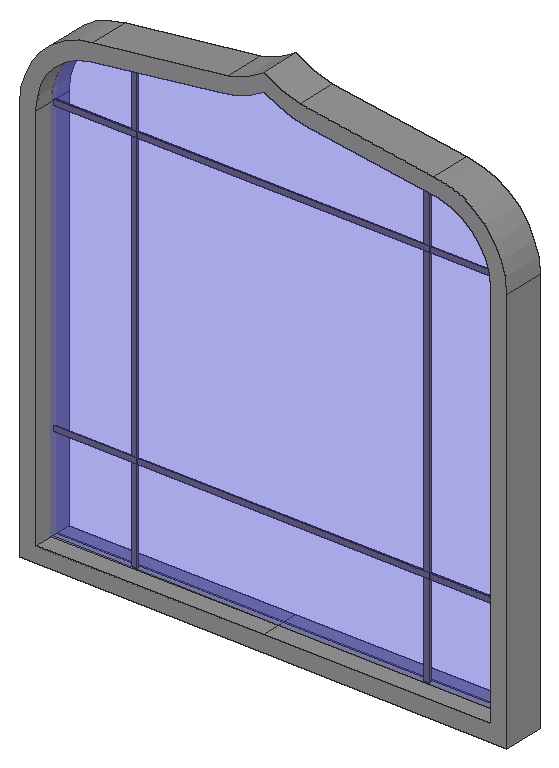
Revit family
Parameters
  Height = 4' - 0"
  Default Sill Height = 3' - 0"
  Trim Projection = 0' - 1"
  Trim Width = 1' - 8.41548"
  Wall Closure = (empty or 0)
  Width = 3' - 0"
Reference planes (in)
  plane 1 "Center (Front/Back)": y = 0
  plane 2 "Center (Left/Right)": x = 78
  plane 3 "Bottom": z = 36
  plane 4 "Exterior": y = 6
  plane 5 "Interior": y = -6
Forms (in)
  Extrusion 1, solid, material "stone"
    sketch origin (0, 6, 0) x (1, 0, 0) y (0, 0, 1)
      loop
        line (162, 36) -> (162, 180)
        arc (162, 180) -> (156.49804, 195.08511) -> (142.57606, 203.08576) r 23.43092
        arc (142.57606, 203.08576) -> (118.46377, 206.88168) -> (94.24412, 209.91814) r 776.80408
        arc (94.24412, 209.91814) -> (85.77216, 211.88177) -> (78, 215.78349) r 36.70359
        arc (78, 215.78349) -> (70.22784, 211.88177) -> (61.75588, 209.91814) r 36.70359
        arc (61.75588, 209.91814) -> (37.53623, 206.88168) -> (13.42394, 203.08576) r 776.80408
        arc (13.42394, 203.08576) -> (-0.49804, 195.08511) -> (-6, 180) r 23.43092
        line (-6, 180) -> (-6, 36) -> (78, 36) -> (162, 36)
      loop
        line (168, 30) -> (168, 180)
        arc (168, 180) -> (160.24904, 200.062) -> (141.02293, 209.7014) r 29.83897
        arc (141.02293, 209.7014) -> (116.08815, 212.81563) -> (91.21532, 216.39115) r 1356.62505
        arc (91.21532, 216.39115) -> (84.34237, 218.44428) -> (78, 221.79496) r 36.70359
        arc (78, 221.79496) -> (71.65763, 218.44428) -> (64.78468, 216.39115) r 36.70359
        arc (64.78468, 216.39115) -> (39.91185, 212.81563) -> (14.97707, 209.7014) r 1356.62505
        arc (14.97707, 209.7014) -> (-4.24904, 200.062) -> (-12, 180) r 29.83897
        line (-12, 180) -> (-12, 30) -> (78, 30) -> (168, 30)
    from -1 to 14
  Extrusion 2, solid, material "Wood"
    sketch origin (78, -1.25935, 0.01155) x (0, 1, 0) y (0, 0, 1)
      loop
        line (1, 34.40609) -> (1.5, 34.40609) -> (1.5, 208.75) -> (1, 208.75) -> (1, 34.40609)
    from -55.0374 to -53.0374
  Extrusion 3, solid, material "Wood"
    sketch origin (78, -1.25935, -21.58235) x (0, 1, 0) y (0, 0, 1)
      loop
        line (1.5, 202) -> (1, 202) -> (1, 200) -> (1.5, 200) -> (1.5, 202)
    from -84 to 0
  Extrusion 4, solid, material "stone"
    sketch origin (78, -2.5, -21.59391) x (0, 1, 0) y (0, 0, 1)
      loop
        line (1.5, 202) -> (1, 202) -> (1, 200) -> (1.5, 200) -> (1.5, 202)
    from -84 to 0
  Extrusion 5, solid, material "Wood"
    sketch origin (78, -1.25935, -129.58235) x (0, 1, 0) y (0, 0, 1)
      loop
        line (1.5, 202) -> (1, 202) -> (1, 200) -> (1.5, 200) -> (1.5, 202)
    from -84 to 0
  Extrusion 6, solid, material "Wood"
    sketch origin (78, -1.25935, 0.01155) x (0, 1, 0) y (0, 0, -1)
      loop
        line (1, -34.40609) -> (1, -208.75) -> (1.5, -208.75) -> (1.5, -34.40609) -> (1, -34.40609)
    from -55.0374 to -53.0374
  Extrusion 7, solid, material "Wood"
    sketch origin (78, -1.25935, -21.58235) x (0, 1, 0) y (0, 0, -1)
      loop
        line (1.5, -202) -> (1.5, -200) -> (1, -200) -> (1, -202) -> (1.5, -202)
    from -84 to 0
  Extrusion 8, solid, material "stone"
    sketch origin (78, -2.5, -21.59391) x (0, 1, 0) y (0, 0, -1)
      loop
        line (1.5, -202) -> (1.5, -200) -> (1, -200) -> (1, -202) -> (1.5, -202)
    from -84 to 0
  Extrusion 9, solid, material "Wood"
    sketch origin (78, -1.25935, -129.58235) x (0, 1, 0) y (0, 0, -1)
      loop
        line (1.5, -202) -> (1.5, -200) -> (1, -200) -> (1, -202) -> (1.5, -202)
    from -84 to 0
  Extrusion 10, solid, material "Glass"
    sketch origin (0, 6.5, 0) x (1, 0, 0) y (0, 0, 1)
      loop
        arc (94.24412, 209.91814) -> (85.77216, 211.88177) -> (78, 215.78349) r 36.70359
        arc (78, 215.78349) -> (70.22784, 211.88177) -> (61.75588, 209.91814) r 36.70359
        arc (61.75588, 209.91814) -> (37.53623, 206.88168) -> (13.42394, 203.08576) r 776.80408
        arc (13.42394, 203.08576) -> (-0.49804, 195.08511) -> (-6, 180) r 23.43092
        line (-6, 180) -> (-6, 36) -> (78, 36) -> (162, 36) -> (162, 180)
        arc (162, 180) -> (156.49804, 195.08511) -> (142.57606, 203.08576) r 23.43092
        arc (142.57606, 203.08576) -> (118.46377, 206.88168) -> (94.24412, 209.91814) r 776.80408
    from 5 to 5.5
  Extrusion 11, solid, material "Glass"
    sketch origin (0, 4, 0) x (1, 0, 0) y (0, 0, 1)
      loop
        arc (94.24412, 209.91814) -> (85.77216, 211.88177) -> (78, 215.78349) r 36.70359
        arc (78, 215.78349) -> (70.22784, 211.88177) -> (61.75588, 209.91814) r 36.70359
        arc (61.75588, 209.91814) -> (37.53623, 206.88168) -> (13.42394, 203.08576) r 776.80408
        arc (13.42394, 203.08576) -> (-0.49804, 195.08511) -> (-6, 180) r 23.43092
        line (-6, 180) -> (-6, 36) -> (78, 36) -> (162, 36) -> (162, 180)
        arc (162, 180) -> (156.49804, 195.08511) -> (142.57606, 203.08576) r 23.43092
        arc (142.57606, 203.08576) -> (118.46377, 206.88168) -> (94.24412, 209.91814) r 776.80408
    from 5 to 5.5
Cuts and joins
  joined: Extrusion 3, Extrusion 7
  joined: Extrusion 5, Extrusion 9
  joined: Extrusion 1, Extrusion 4, Extrusion 8
Lines and regions (in)
  Opening 1
    outline origin (-60, -6, -3) x (1, 0, 0) y (0, 0, 1)
      loop
        arc (222, 183) -> (216.49804, 198.08511) -> (202.57606, 206.08576) r 23.43092
        arc (202.57606, 206.08576) -> (178.46377, 209.88168) -> (154.24412, 212.91814) r 776.80408
        arc (154.24412, 212.91814) -> (145.77216, 214.88177) -> (138, 218.78349) r 36.70359
        arc (138, 218.78349) -> (130.22784, 214.88177) -> (121.75588, 212.91814) r 36.70359
        arc (121.75588, 212.91814) -> (97.53623, 209.88168) -> (73.42394, 206.08576) r 776.80408
        arc (73.42394, 206.08576) -> (59.50196, 198.08511) -> (54, 183) r 23.43092
        line (54, 183) -> (54, 39) -> (138, 39) -> (222, 39) -> (222, 183)
Text (in)
  text "EXTERIOR" at (-60.25314, 23.47596, 0), in view "Ref. Level"
  text "INTERIOR" at (-59.52703, -17.27685, 0), in view "Ref. Level"
  text "Exterior" at (0, 47.2975, 123.29936), in view "Left"
  text "Exterior" at (0, 19.21628, 132.11189), in view "Right"
Dimensions and locks (in)
  locked: plane 4 "Exterior" to host wall at 0
  locked: plane 5 "Interior" to host wall
